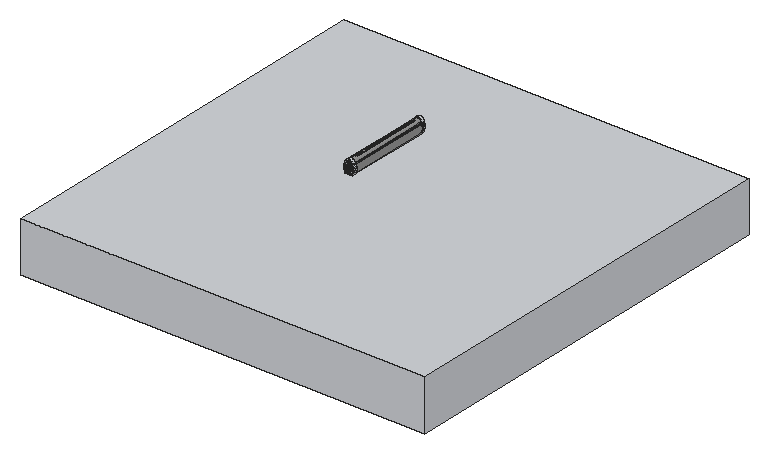
Revit family "L-trade II_body", category Обобщенные модели, Revit 2017
Family settings
  Основа = Грань
  Может служить основой для арматурных стержней = Нет
  Размер круглого соединителя = Использовать диаметр
  Тип детали = Нормальный
  При загрузке вырезать с полостями = Нет
  Общий = Нет
  Точка расчета площади = Нет
Parameters
  Тип торцевой крышки = Trade II Easy Lock : Trade II Easy Lock
  Расстояние от светильника до плоскости = Расстояние от низа светильника до плоскости + 80 mm  # 330 mm
  Расстояние от низа светильника до плоскости = 250 mm
  Default Elevation = 1219.2 mm
  Начало выдавливания = 250 mm
  Конец выдавливания = Начало выдавливания * (-1)  # -250 mm
  Длина профиля = Начало выдавливания * 2  # 500 mm
Reference planes
  plane 1 "По центру (Вперед/Назад)": y = 0
  plane 2: z = 0
  plane 3 "По центру (Влево/Вправо)": x = 0
  plane 4 "Плоскость расположения светильника": z = 250
Forms (mm)
  Extrusion 1, solid
    sketch origin (0, 0, 0) x (1, 0, 0) y (0, 1, 0)
      loop
        line (-1219.2, 1219.2) -> (-1219.2, -1219.2) -> (1219.2, -1219.2) -> (1219.2, 1219.2) -> (-1219.2, 1219.2)
    from 0 to -304.8
  Extrusion 2, solid
    sketch origin (0, 0, 250) x (0, -1, 0) y (1, 0, 0)
      loop
        line (-250, 2.572) -> (250, 2.572) -> (250, 4.625) -> (-250, 4.625) -> (-250, 2.572)
      loop
        line (-250, -2.572) -> (-250, -4.625) -> (250, -4.625) -> (250, -2.572) -> (-250, -2.572)
    from 0 to 1
  Extrusion 3, solid, material "Алюминий"
    sketch origin (0, 0, 0) x (1, 0, 0) y (0, 0, 1)
      loop
        line (2.572, 250) -> (21.583, 250)
        arc (21.583, 250) -> (23.284, 250.705) -> (23.988, 252.406) r 2.406
        line (23.988, 252.406) -> (23.988, 299.1) -> (23.054, 299.44)
        arc (23.054, 299.44) -> (20.433, 299.877) -> (22.85, 300.98) r 1.389
        line (22.85, 300.98) -> (23.732, 302.227)
        arc (23.732, 302.227) -> (24.096, 303.532) -> (23.546, 304.771) r 2.006
        arc (23.546, 304.771) -> (23.261, 305.083) -> (23.188, 305.5) r 0.757
        line (23.188, 305.5) -> (22.224, 305.5) -> (22.224, 304.659) -> (22.797, 304.087)
        arc (22.797, 304.087) -> (22.797, 302.684) -> (21.394, 302.684) r 0.992
        arc (21.394, 302.684) -> (21.071, 302.931) -> (20.696, 303.087) r 1.556
        line (20.696, 303.087) -> (18.325, 303.087)
        arc (18.325, 303.087) -> (16.847, 304.004) -> (18.515, 304.5) r 0.954
        line (18.515, 304.5) -> (19.803, 304.5) -> (19.803, 305.5) -> (19.002, 305.5)
        arc (19.002, 305.5) -> (17.792, 305.901) -> (16.582, 305.5) r 2.024
        line (16.582, 305.5) -> (4.453, 305.5) -> (4.453, 304.5) -> (5.483, 304.5) -> (5.483, 303.3) -> (-5.506, 303.3) -> (-5.506, 304.5) -> (-4.477, 304.5) -> (-4.477, 305.5) -> (-16.606, 305.5)
        arc (-16.606, 305.5) -> (-17.815, 305.901) -> (-19.025, 305.5) r 2.024
        line (-19.025, 305.5) -> (-19.826, 305.5) -> (-19.826, 304.5) -> (-18.538, 304.5)
        arc (-18.538, 304.5) -> (-16.87, 304.004) -> (-18.349, 303.087) r 0.954
        line (-18.349, 303.087) -> (-20.719, 303.087)
        arc (-20.719, 303.087) -> (-21.095, 302.931) -> (-21.417, 302.684) r 1.556
        arc (-21.417, 302.684) -> (-22.82, 302.684) -> (-22.82, 304.087) r 0.992
        line (-22.82, 304.087) -> (-22.247, 304.659) -> (-22.247, 305.5) -> (-23.212, 305.5)
        arc (-23.212, 305.5) -> (-23.284, 305.083) -> (-23.569, 304.771) r 0.757
        arc (-23.569, 304.771) -> (-24.119, 303.532) -> (-23.756, 302.227) r 2.006
        line (-23.756, 302.227) -> (-22.873, 300.98)
        arc (-22.873, 300.98) -> (-20.456, 299.877) -> (-23.077, 299.44) r 1.389
        line (-23.077, 299.44) -> (-24.012, 299.1) -> (-24.012, 252.406)
        arc (-24.012, 252.406) -> (-23.307, 250.705) -> (-21.606, 250) r 2.406
        line (-21.606, 250) -> (-2.595, 250) -> (-2.595, 251) -> (-4.649, 251) -> (-4.649, 255.456) -> (4.625, 255.456) -> (4.625, 251) -> (2.572, 251) -> (2.572, 250)
      loop
        line (5.619, 251) -> (21.584, 251)
        arc (21.584, 251) -> (22.577, 251.411) -> (22.988, 252.405) r 1.405
        line (22.988, 252.405) -> (22.988, 297.897)
        arc (22.988, 297.897) -> (19.715, 298.767) -> (20.407, 302.082) r 2.462
        line (20.407, 302.082) -> (18.726, 302.082)
        arc (18.726, 302.082) -> (16.485, 302.332) -> (15.866, 304.5) r 2.024
        line (15.866, 304.5) -> (6.476, 304.5) -> (6.476, 302.279) -> (-6.499, 302.279) -> (-6.499, 304.5) -> (-15.89, 304.5)
        arc (-15.89, 304.5) -> (-16.509, 302.332) -> (-18.749, 302.082) r 2.024
        line (-18.749, 302.082) -> (-20.43, 302.082)
        arc (-20.43, 302.082) -> (-19.738, 298.767) -> (-23.012, 297.897) r 2.462
        line (-23.012, 297.897) -> (-23.012, 252.405)
        arc (-23.012, 252.405) -> (-22.6, 251.411) -> (-21.607, 251) r 1.405
        line (-21.607, 251) -> (-5.642, 251) -> (-5.642, 256.427) -> (5.619, 256.427) -> (5.619, 251)
    from 250 <- "Начало выдавливания" to -250 <- "Конец выдавливания"
  Extrusion 4, solid, material "Стекло, прозрачное остекление"
    sketch origin (0, 0, 0) x (1, 0, 0) y (0, 0, 1)
      loop
        arc (-0.012, 326.283) -> (14.71, 320.185) -> (20.808, 305.463) r 20.82
        line (20.808, 305.463) -> (20.808, 304.359) -> (18.369, 304.359) -> (18.369, 303.222) -> (22.088, 303.222) -> (22.088, 305.463)
        arc (22.088, 305.463) -> (15.615, 321.09) -> (-0.012, 327.563) r 22.1
        arc (-0.012, 327.563) -> (-15.639, 321.09) -> (-22.112, 305.463) r 22.1
        line (-22.112, 305.463) -> (-22.112, 303.222) -> (-18.393, 303.222) -> (-18.393, 304.359) -> (-20.832, 304.359) -> (-20.832, 305.463)
        arc (-20.832, 305.463) -> (-14.734, 320.185) -> (-0.012, 326.283) r 20.82
    from 250 <- "Начало выдавливания" to -250 <- "Конец выдавливания"
Dimensions and locks
  "Расстояние от низа светильника до плоскости": plane 4 "Плоскость расположения светильника" to Extrusion 1
  aligned and locked: plane 2 to Extrusion 1
  aligned and locked: level to Extrusion 1
Automatic sketch dimensions
  Extrusion 1 sketch curve to Extrusion 1 sketch curve = 2438.4 mm  (x2)
  Extrusion 2 sketch curve to plane 3 "По центру (Влево/Вправо)" = 2.572 mm
  Extrusion 2 sketch curve to plane 1 "По центру (Вперед/Назад)" = 250 mm
  plane 1 "По центру (Вперед/Назад)" to Extrusion 2 sketch curve = 250 mm
  plane 3 "По центру (Влево/Вправо)" to Extrusion 2 sketch curve = 2.572 mm
  Extrusion 2 sketch curve to Extrusion 2 sketch curve = 0 mm  (x2)
  Extrusion 2 sketch curve to Extrusion 2 sketch curve = 2.053 mm  (x2)
  Extrusion 3 sketch curve to Extrusion 3 sketch curve = 0 mm  (x22)
  Extrusion 3 sketch curve to plane 4 "Плоскость расположения светильника" = 0 mm  (x2)
  Extrusion 3 sketch curve to plane 3 "По центру (Влево/Вправо)" = 24.012 mm
  Extrusion 3 sketch curve to Extrusion 3 sketch curve = 0.047 mm
  Extrusion 3 sketch curve to Extrusion 3 sketch curve = 0.256 mm
  Extrusion 3 sketch curve to Extrusion 3 sketch curve = 0.753 mm  (x2)
  Extrusion 3 sketch curve to Extrusion 3 sketch curve = 0.935 mm  (x2)
  Extrusion 3 sketch curve to Extrusion 3 sketch curve = 1 mm  (x4)
  Extrusion 3 sketch curve to Extrusion 3 sketch curve = 0.882 mm  (x2)
  Extrusion 3 sketch curve to Extrusion 3 sketch curve = 0.392 mm
  Extrusion 3 sketch curve to Extrusion 3 sketch curve = 0.964 mm  (x2)
  Extrusion 3 sketch curve to Extrusion 3 sketch curve = 0.702 mm  (x2)
  Extrusion 3 sketch curve to Extrusion 3 sketch curve = 1.04 mm  (x2)
  Extrusion 3 sketch curve to Extrusion 3 sketch curve = 1.405 mm
  Extrusion 3 sketch curve to Extrusion 3 sketch curve = 0.001 mm  (x2)
  Extrusion 3 sketch curve to Extrusion 3 sketch curve = 1.399 mm  (x2)
  Extrusion 3 sketch curve to Extrusion 3 sketch curve = 0.289 mm  (x2)
  Extrusion 3 sketch curve to Extrusion 3 sketch curve = 0.114 mm  (x2)
  Extrusion 3 sketch curve to Extrusion 3 sketch curve = 2.421 mm
  Extrusion 3 sketch curve to Extrusion 3 sketch curve = 0.801 mm  (x2)
  Extrusion 3 sketch curve to Extrusion 3 sketch curve = 1.567 mm  (x2)
  Extrusion 3 sketch curve to Extrusion 3 sketch curve = 0.487 mm  (x2)
  Extrusion 3 sketch curve to Extrusion 3 sketch curve = 0.401 mm  (x2)
  Extrusion 3 sketch curve to Extrusion 3 sketch curve = 0.533 mm  (x2)
  Extrusion 3 sketch curve to Extrusion 3 sketch curve = 1.21 mm  (x2)
  Extrusion 3 sketch curve to Extrusion 3 sketch curve = 0.716 mm  (x2)
  Extrusion 3 sketch curve to plane 3 "По центру (Влево/Вправо)" = 6.499 mm
  plane 4 "Плоскость расположения светильника" to Extrusion 3 sketch curve = 1 mm  (x4)
  Extrusion 3 sketch curve to plane 3 "По центру (Влево/Вправо)" = 5.642 mm
  Extrusion 3 sketch curve to Extrusion 3 sketch curve = 0.993 mm  (x4)
  Extrusion 3 sketch curve to Extrusion 3 sketch curve = 1.03 mm  (x2)
  Extrusion 3 sketch curve to Extrusion 3 sketch curve = 2.053 mm  (x2)
  plane 3 "По центру (Влево/Вправо)" to Extrusion 3 sketch curve = 2.572 mm
  plane 3 "По центру (Влево/Вправо)" to Extrusion 3 sketch curve = 4.453 mm
  Extrusion 3 sketch curve to Extrusion 3 sketch curve = 9.39 mm
  Extrusion 3 sketch curve to Extrusion 3 sketch curve = 0.723 mm
  plane 4 "Плоскость расположения светильника" to Extrusion 3 sketch curve = 2.406 mm
  Extrusion 3 sketch curve to Extrusion 3 sketch curve = 15.964 mm
  Extrusion 3 sketch curve to Extrusion 3 sketch curve = 1.517 mm
  Extrusion 3 sketch curve to Extrusion 3 sketch curve = 0.129 mm
  Extrusion 3 sketch curve to Extrusion 3 sketch curve = 0.573 mm  (x3)
  Extrusion 3 sketch curve to Extrusion 3 sketch curve = 4.456 mm
  Extrusion 3 sketch curve to Extrusion 3 sketch curve = 0.971 mm
  Extrusion 3 sketch curve to Extrusion 3 sketch curve = 41.47 mm  (x2)
  Extrusion 3 sketch curve to Extrusion 3 sketch curve = 1.203 mm  (x2)
  Extrusion 3 sketch curve to Extrusion 3 sketch curve = 0.34 mm  (x2)
  Extrusion 3 sketch curve to Extrusion 3 sketch curve = 0.619 mm  (x2)
  Extrusion 3 sketch curve to Extrusion 3 sketch curve = 0.498 mm  (x2)
  Extrusion 3 sketch curve to Extrusion 3 sketch curve = 1.247 mm  (x2)
  Extrusion 3 sketch curve to Extrusion 3 sketch curve = 0.198 mm
  Extrusion 3 sketch curve to Extrusion 3 sketch curve = 1.005 mm  (x2)
  Extrusion 3 sketch curve to Extrusion 3 sketch curve = 1.021 mm
  Extrusion 3 sketch curve to Extrusion 3 sketch curve = 0.299 mm  (x2)
  Extrusion 3 sketch curve to Extrusion 3 sketch curve = 0.791 mm  (x2)
  Extrusion 3 sketch curve to Extrusion 3 sketch curve = 1.33 mm  (x2)
  Extrusion 3 sketch curve to Extrusion 3 sketch curve = 0.841 mm  (x2)
  Extrusion 3 sketch curve to Extrusion 3 sketch curve = 0.698 mm
  Extrusion 4 sketch curve to Extrusion 4 sketch curve = 0 mm  (x13)
  Extrusion 4 sketch curve to plane 3 "По центру (Влево/Вправо)" = 22.112 mm
  Extrusion 4 sketch curve to Extrusion 4 sketch curve = 1.28 mm
  Extrusion 4 sketch curve to Extrusion 4 sketch curve = 2.439 mm  (x2)
  Extrusion 4 sketch curve to plane 3 "По центру (Влево/Вправо)" = 0.012 mm
  plane 4 "Плоскость расположения светильника" to Extrusion 4 sketch curve = 53.222 mm
  Extrusion 4 sketch curve to Extrusion 4 sketch curve = 1.137 mm  (x2)
  Extrusion 4 sketch curve to Extrusion 4 sketch curve = 1.104 mm
Nested families
  nested 1: "Trade II Easy Lock" at (0.005, 0, 0), type <- "Тип торцевой крышки", type "Trade II Easy Lock"
    with Расстояние от светильника до плоскости 330 mm, Расстояние до плоскости 258 mm, Начало профиля 500 mm, Конец профиля 500 mm
  nested 2: "Trade II Easy Lock" at (0, 0, 0), type <- "Тип торцевой крышки", type "Trade II Easy Lock"
    with Расстояние от светильника до плоскости 330 mm, Расстояние до плоскости 258 mm, Начало профиля 500 mm, Конец профиля 500 mm
Definition of nested family "Trade II Easy Lock"
  Parameters (values of type "Trade II Easy Lock")
    Расстояние от светильника до плоскости = Расстояние до плоскости + 72 mm  # 422 mm
    Расстояние до плоскости = 350 mm
    Default Elevation = 1219.2 mm
    Начало профиля = 249.976 mm
    Конец профиля = 250.024 mm
  Reference planes
    plane 1 "По центру (Вперед/Назад)": y = 0
    plane 2: z = 0
    plane 3 "По центру (Влево/Вправо)": x = 0
    plane 4 "Плоскость низа светильника": z = 350
  Forms (mm)
    Extrusion 1, solid
      sketch origin (0, 0, 0) x (1, 0, 0) y (0, 1, 0)
        loop
          line (-1219.2, 1219.2) -> (-1219.2, -1219.2) -> (1219.2, -1219.2) -> (1219.2, 1219.2) -> (-1219.2, 1219.2)
      from 0 to -304.8
    Extrusion 2, solid
      sketch origin (0, -398.223, 350) x (0, -1, 0) y (1, 0, 0)
        loop
          line (-148.236, -5.649) -> (-130.236, -5.649) -> (-130.236, 5.625) -> (-148.236, 5.625) -> (-148.236, -5.649)
        loop
          line (-648.236, 5.625) -> (-666.236, 5.625) -> (-666.236, -5.649) -> (-648.236, -5.649) -> (-648.236, 5.625)
      from 0 to -2
    Extrusion 3, solid
      sketch origin (5.625, 268.013, 350) x (-1, 0, 0) y (0, 0, 1)
        loop
          arc (28.697, 49.657) -> (21.525, 65.194) -> (5.63, 71.533) r 23.1
          arc (5.63, 71.533) -> (-10.266, 65.194) -> (-17.438, 49.657) r 23.1
          arc (-17.438, 49.657) -> (-19.62, 45.831) -> (-19.639, 41.427) r 8.666
          arc (-19.639, 41.427) -> (-19.083, 38.06) -> (-21.255, 35.429) r 4.12
          line (-21.255, 35.429) -> (-24.425, 33.883)
          arc (-24.425, 33.883) -> (-25.811, 32.581) -> (-26.322, 30.75) r 3.536
          line (-26.322, 30.75) -> (-26.322, 22.479) -> (-26.322, 14.208)
          arc (-26.322, 14.208) -> (-25.811, 12.377) -> (-24.425, 11.075) r 3.536
          line (-24.425, 11.075) -> (-21.249, 9.534)
          arc (-21.249, 9.534) -> (-19.072, 6.893) -> (-19.641, 3.519) r 4.12
          arc (-19.641, 3.519) -> (-20.809, -0.574) -> (-19.361, -4.575) r 6.919
          arc (-19.361, -4.575) -> (-18.366, -6.977) -> (-15.964, -7.972) r 3.397
          line (-15.964, -7.972) -> (0.973, -7.972)
          arc (0.973, -7.972) -> (1.694, -7.673) -> (1.993, -6.952) r 1.02
          line (1.993, -6.952) -> (1.993, -2) -> (-0.007, -2) -> (-0.007, -5.972) -> (-15.964, -5.972)
          arc (-15.964, -5.972) -> (-16.714, -5.754) -> (-17.229, -5.168) r 1.397
          arc (-17.229, -5.168) -> (-17.414, -4.504) -> (-17.37, -3.815) r 2.071
          arc (-17.37, -3.815) -> (-18.79, -0.816) -> (-17.982, 2.402) r 4.919
          arc (-17.982, 2.402) -> (-17.141, 7.413) -> (-20.375, 11.333) r 6.12
          line (-20.375, 11.333) -> (-23.519, 12.859)
          arc (-23.519, 12.859) -> (-24.106, 13.423) -> (-24.322, 14.208) r 1.536
          line (-24.322, 14.208) -> (-24.322, 22.479) -> (-24.322, 30.75)
          arc (-24.322, 30.75) -> (-24.106, 31.536) -> (-23.518, 32.1) r 1.536
          line (-23.518, 32.1) -> (-20.378, 33.631)
          arc (-20.378, 33.631) -> (-17.207, 37.349) -> (-17.768, 42.204) r 6.12
          arc (-17.768, 42.204) -> (-17.537, 45.801) -> (-15.468, 48.752) r 6.666
          arc (-15.468, 48.752) -> (-9.177, 63.465) -> (5.63, 69.533) r 21.1
          arc (5.63, 69.533) -> (20.437, 63.465) -> (26.728, 48.752) r 21.1
          arc (26.728, 48.752) -> (28.797, 45.801) -> (29.028, 42.204) r 6.666
          arc (29.028, 42.204) -> (28.466, 37.349) -> (31.638, 33.631) r 6.12
          line (31.638, 33.631) -> (34.778, 32.1)
          arc (34.778, 32.1) -> (35.366, 31.536) -> (35.582, 30.75) r 1.536
          line (35.582, 30.75) -> (35.582, 22.479) -> (35.582, 14.208)
          arc (35.582, 14.208) -> (35.366, 13.423) -> (34.779, 12.859) r 1.536
          line (34.779, 12.859) -> (31.635, 11.333)
          arc (31.635, 11.333) -> (28.401, 7.413) -> (29.242, 2.402) r 6.12
          arc (29.242, 2.402) -> (30.05, -0.816) -> (28.63, -3.815) r 4.919
          arc (28.63, -3.815) -> (28.674, -4.504) -> (28.489, -5.168) r 2.071
          arc (28.489, -5.168) -> (27.974, -5.754) -> (27.224, -5.972) r 1.397
          line (27.224, -5.972) -> (11.267, -5.972) -> (11.267, -2) -> (9.267, -2) -> (9.267, -6.952)
          arc (9.267, -6.952) -> (9.566, -7.673) -> (10.287, -7.972) r 1.02
          line (10.287, -7.972) -> (27.224, -7.972)
          arc (27.224, -7.972) -> (29.626, -6.977) -> (30.621, -4.575) r 3.397
          arc (30.621, -4.575) -> (32.069, -0.574) -> (30.901, 3.519) r 6.919
          arc (30.901, 3.519) -> (30.332, 6.893) -> (32.509, 9.534) r 4.12
          line (32.509, 9.534) -> (35.685, 11.075)
          arc (35.685, 11.075) -> (37.071, 12.377) -> (37.582, 14.208) r 3.536
          line (37.582, 14.208) -> (37.582, 22.479) -> (37.582, 30.75)
          arc (37.582, 30.75) -> (37.071, 32.581) -> (35.685, 33.883) r 3.536
          line (35.685, 33.883) -> (32.515, 35.429)
          arc (32.515, 35.429) -> (30.343, 38.06) -> (30.899, 41.427) r 4.12
          arc (30.899, 41.427) -> (30.88, 45.831) -> (28.697, 49.657) r 8.666
      from 0 to -18
    Extrusion 4, solid
      sketch origin (5.625, 250.013, 350) x (1, 0, 0) y (0, 0, 1)
        loop
          line (15.644, 22.479) -> (15.644, 27.454)
          arc (15.644, 27.454) -> (15.416, 28.602) -> (14.765, 29.576) r 3
          line (14.765, 29.576) -> (8.99, 35.35)
          arc (8.99, 35.35) -> (8.017, 36.001) -> (6.869, 36.229) r 3
          line (6.869, 36.229) -> (0.949, 36.229)
          arc (0.949, 36.229) -> (-1.526, 35.204) -> (-2.551, 32.729) r 3.5
          line (-2.551, 32.729) -> (-2.551, 22.479) -> (-2.551, 12.229)
          arc (-2.551, 12.229) -> (-1.526, 9.754) -> (0.949, 8.729) r 3.5
          line (0.949, 8.729) -> (6.869, 8.729)
          arc (6.869, 8.729) -> (8.017, 8.957) -> (8.99, 9.608) r 3
          line (8.99, 9.608) -> (14.765, 15.382)
          arc (14.765, 15.382) -> (15.416, 16.356) -> (15.644, 17.504) r 3
          line (15.644, 17.504) -> (15.644, 22.479)
        loop
          line (7.445, 30.435) -> (0.889, 30.435) -> (0.889, 27.559) -> (7.445, 27.559) -> (7.445, 30.435)
        loop
          line (7.445, 14.523) -> (7.445, 17.399) -> (0.889, 17.399) -> (0.889, 14.523) -> (7.445, 14.523)
        loop
          line (12.774, 21.041) -> (12.774, 23.917) -> (6.218, 23.917) -> (6.218, 21.041) -> (12.774, 21.041)
        loop
          line (-26.918, 22.479) -> (-26.918, 17.504)
          arc (-26.918, 17.504) -> (-26.689, 16.356) -> (-26.039, 15.382) r 3
          line (-26.039, 15.382) -> (-20.264, 9.608)
          arc (-20.264, 9.608) -> (-19.291, 8.957) -> (-18.143, 8.729) r 3
          line (-18.143, 8.729) -> (-12.223, 8.729)
          arc (-12.223, 8.729) -> (-9.748, 9.754) -> (-8.723, 12.229) r 3.5
          line (-8.723, 12.229) -> (-8.723, 22.479) -> (-8.723, 32.729)
          arc (-8.723, 32.729) -> (-9.748, 35.204) -> (-12.223, 36.229) r 3.5
          line (-12.223, 36.229) -> (-18.143, 36.229)
          arc (-18.143, 36.229) -> (-19.291, 36.001) -> (-20.264, 35.35) r 3
          line (-20.264, 35.35) -> (-26.039, 29.576)
          arc (-26.039, 29.576) -> (-26.689, 28.602) -> (-26.918, 27.454) r 3
          line (-26.918, 27.454) -> (-26.918, 22.479)
        loop
          line (-18.719, 30.435) -> (-18.719, 27.559) -> (-12.163, 27.559) -> (-12.163, 30.435) -> (-18.719, 30.435)
        loop
          line (-18.719, 14.523) -> (-12.163, 14.523) -> (-12.163, 17.399) -> (-18.719, 17.399) -> (-18.719, 14.523)
        loop
          line (-24.048, 21.041) -> (-17.491, 21.041) -> (-17.491, 23.917) -> (-24.048, 23.917) -> (-24.048, 21.041)
      from -1 to -15
    Extrusion 5, solid
      sketch origin (5.625, 250.013, 350) x (1, 0, 0) y (0, 0, 1)
        loop
          arc (15.461, 48.752) -> (9.17, 63.465) -> (-5.637, 69.533) r 21.1
          arc (-5.637, 69.533) -> (-20.444, 63.465) -> (-26.734, 48.752) r 21.1
          arc (-26.734, 48.752) -> (-28.804, 45.801) -> (-29.035, 42.204) r 6.666
          arc (-29.035, 42.204) -> (-28.473, 37.349) -> (-31.645, 33.631) r 6.12
          line (-31.645, 33.631) -> (-34.785, 32.1)
          arc (-34.785, 32.1) -> (-35.373, 31.536) -> (-35.589, 30.75) r 1.536
          line (-35.589, 30.75) -> (-35.589, 22.479) -> (-35.589, 14.208)
          arc (-35.589, 14.208) -> (-35.373, 13.423) -> (-34.786, 12.859) r 1.536
          line (-34.786, 12.859) -> (-31.642, 11.333)
          arc (-31.642, 11.333) -> (-28.408, 7.413) -> (-29.249, 2.402) r 6.12
          arc (-29.249, 2.402) -> (-30.057, -0.816) -> (-28.637, -3.815) r 4.919
          arc (-28.637, -3.815) -> (-28.681, -4.504) -> (-28.496, -5.168) r 2.071
          arc (-28.496, -5.168) -> (-27.981, -5.754) -> (-27.231, -5.972) r 1.397
          line (-27.231, -5.972) -> (-11.274, -5.972) -> (-11.274, 0) -> (-5.637, 0) -> (0, 0) -> (0, -5.972) -> (15.957, -5.972)
          arc (15.957, -5.972) -> (16.707, -5.754) -> (17.222, -5.168) r 1.397
          arc (17.222, -5.168) -> (17.407, -4.504) -> (17.363, -3.815) r 2.071
          arc (17.363, -3.815) -> (18.783, -0.816) -> (17.975, 2.402) r 4.919
          arc (17.975, 2.402) -> (17.134, 7.413) -> (20.368, 11.333) r 6.12
          line (20.368, 11.333) -> (23.512, 12.859)
          arc (23.512, 12.859) -> (24.099, 13.423) -> (24.315, 14.208) r 1.536
          line (24.315, 14.208) -> (24.315, 22.479) -> (24.315, 30.75)
          arc (24.315, 30.75) -> (24.099, 31.536) -> (23.511, 32.1) r 1.536
          line (23.511, 32.1) -> (20.371, 33.631)
          arc (20.371, 33.631) -> (17.2, 37.349) -> (17.761, 42.204) r 6.12
          arc (17.761, 42.204) -> (17.53, 45.801) -> (15.461, 48.752) r 6.666
      from 0 to -1
    Extrusion 6, solid
      sketch origin (-5.649, -267.987, 350) x (1, 0, 0) y (0, 0, 1)
        loop
          arc (-17.424, 49.657) -> (-19.606, 45.831) -> (-19.625, 41.427) r 8.666
          arc (-19.625, 41.427) -> (-19.069, 38.06) -> (-21.241, 35.429) r 4.12
          line (-21.241, 35.429) -> (-24.411, 33.883)
          arc (-24.411, 33.883) -> (-25.797, 32.581) -> (-26.308, 30.75) r 3.536
          line (-26.308, 30.75) -> (-26.308, 22.479) -> (-26.308, 14.208)
          arc (-26.308, 14.208) -> (-25.797, 12.377) -> (-24.411, 11.075) r 3.536
          line (-24.411, 11.075) -> (-21.236, 9.534)
          arc (-21.236, 9.534) -> (-19.059, 6.893) -> (-19.627, 3.519) r 4.12
          arc (-19.627, 3.519) -> (-20.796, -0.574) -> (-19.347, -4.575) r 6.919
          arc (-19.347, -4.575) -> (-18.352, -6.977) -> (-15.951, -7.972) r 3.397
          line (-15.951, -7.972) -> (0.987, -7.972)
          arc (0.987, -7.972) -> (1.708, -7.673) -> (2.007, -6.952) r 1.02
          line (2.007, -6.952) -> (2.007, -2) -> (0.007, -2) -> (0.007, -5.972) -> (-15.951, -5.972)
          arc (-15.951, -5.972) -> (-16.7, -5.754) -> (-17.215, -5.168) r 1.397
          arc (-17.215, -5.168) -> (-17.4, -4.504) -> (-17.356, -3.815) r 2.071
          arc (-17.356, -3.815) -> (-18.776, -0.816) -> (-17.968, 2.402) r 4.919
          arc (-17.968, 2.402) -> (-17.127, 7.413) -> (-20.361, 11.333) r 6.12
          line (-20.361, 11.333) -> (-23.505, 12.859)
          arc (-23.505, 12.859) -> (-24.092, 13.423) -> (-24.308, 14.208) r 1.536
          line (-24.308, 14.208) -> (-24.308, 22.479) -> (-24.308, 30.75)
          arc (-24.308, 30.75) -> (-24.092, 31.536) -> (-23.504, 32.1) r 1.536
          line (-23.504, 32.1) -> (-20.364, 33.631)
          arc (-20.364, 33.631) -> (-17.193, 37.349) -> (-17.754, 42.204) r 6.12
          arc (-17.754, 42.204) -> (-17.523, 45.801) -> (-15.454, 48.752) r 6.666
          arc (-15.454, 48.752) -> (-9.163, 63.465) -> (5.644, 69.533) r 21.1
          arc (5.644, 69.533) -> (20.451, 63.465) -> (26.741, 48.752) r 21.1
          arc (26.741, 48.752) -> (28.811, 45.801) -> (29.042, 42.204) r 6.666
          arc (29.042, 42.204) -> (28.48, 37.349) -> (31.652, 33.631) r 6.12
          line (31.652, 33.631) -> (34.792, 32.1)
          arc (34.792, 32.1) -> (35.38, 31.536) -> (35.596, 30.75) r 1.536
          line (35.596, 30.75) -> (35.596, 22.479) -> (35.596, 14.208)
          arc (35.596, 14.208) -> (35.38, 13.423) -> (34.793, 12.859) r 1.536
          line (34.793, 12.859) -> (31.649, 11.333)
          arc (31.649, 11.333) -> (28.415, 7.413) -> (29.256, 2.402) r 6.12
          arc (29.256, 2.402) -> (30.064, -0.816) -> (28.644, -3.815) r 4.919
          arc (28.644, -3.815) -> (28.688, -4.504) -> (28.503, -5.168) r 2.071
          arc (28.503, -5.168) -> (27.988, -5.754) -> (27.238, -5.972) r 1.397
          line (27.238, -5.972) -> (11.281, -5.972) -> (11.281, -2) -> (9.281, -2) -> (9.281, -6.952)
          arc (9.281, -6.952) -> (9.579, -7.673) -> (10.301, -7.972) r 1.02
          line (10.301, -7.972) -> (27.238, -7.972)
          arc (27.238, -7.972) -> (29.64, -6.977) -> (30.635, -4.575) r 3.397
          arc (30.635, -4.575) -> (32.083, -0.574) -> (30.915, 3.519) r 6.919
          arc (30.915, 3.519) -> (30.346, 6.893) -> (32.523, 9.534) r 4.12
          line (32.523, 9.534) -> (35.699, 11.075)
          arc (35.699, 11.075) -> (37.085, 12.377) -> (37.596, 14.208) r 3.536
          line (37.596, 14.208) -> (37.596, 22.479) -> (37.596, 30.75)
          arc (37.596, 30.75) -> (37.085, 32.581) -> (35.699, 33.883) r 3.536
          line (35.699, 33.883) -> (32.529, 35.429)
          arc (32.529, 35.429) -> (30.357, 38.06) -> (30.913, 41.427) r 4.12
          arc (30.913, 41.427) -> (30.894, 45.831) -> (28.711, 49.657) r 8.666
          arc (28.711, 49.657) -> (21.539, 65.194) -> (5.644, 71.533) r 23.1
          arc (5.644, 71.533) -> (-10.252, 65.194) -> (-17.424, 49.657) r 23.1
      from 0 to -18
    Extrusion 7, solid
      sketch origin (-5.649, -249.987, 350) x (1, 0, 0) y (0, 0, -1)
        loop
          line (11.281, 5.972) -> (11.274, 2) -> (11.274, 0) -> (0, 0) -> (0.007, 2) -> (0.007, 5.972) -> (-15.951, 5.972)
          arc (-15.951, 5.972) -> (-16.7, 5.754) -> (-17.215, 5.168) r 1.397
          arc (-17.215, 5.168) -> (-17.4, 4.504) -> (-17.356, 3.815) r 2.071
          arc (-17.356, 3.815) -> (-18.776, 0.816) -> (-17.968, -2.402) r 4.919
          arc (-17.968, -2.402) -> (-17.127, -7.413) -> (-20.361, -11.333) r 6.12
          line (-20.361, -11.333) -> (-23.505, -12.859)
          arc (-23.505, -12.859) -> (-24.092, -13.423) -> (-24.308, -14.208) r 1.536
          line (-24.308, -14.208) -> (-24.308, -22.479) -> (-24.308, -30.75)
          arc (-24.308, -30.75) -> (-24.092, -31.536) -> (-23.504, -32.1) r 1.536
          line (-23.504, -32.1) -> (-20.364, -33.631)
          arc (-20.364, -33.631) -> (-17.193, -37.349) -> (-17.754, -42.204) r 6.12
          arc (-17.754, -42.204) -> (-17.523, -45.801) -> (-15.454, -48.752) r 6.666
          arc (-15.454, -48.752) -> (-9.163, -63.465) -> (5.644, -69.533) r 21.1
          arc (5.644, -69.533) -> (20.451, -63.465) -> (26.741, -48.752) r 21.1
          arc (26.741, -48.752) -> (28.811, -45.801) -> (29.042, -42.204) r 6.666
          arc (29.042, -42.204) -> (28.48, -37.349) -> (31.652, -33.631) r 6.12
          line (31.652, -33.631) -> (34.792, -32.1)
          arc (34.792, -32.1) -> (35.38, -31.536) -> (35.596, -30.75) r 1.536
          line (35.596, -30.75) -> (35.596, -22.479) -> (35.596, -14.208)
          arc (35.596, -14.208) -> (35.38, -13.423) -> (34.793, -12.859) r 1.536
          line (34.793, -12.859) -> (31.649, -11.333)
          arc (31.649, -11.333) -> (28.415, -7.413) -> (29.256, -2.402) r 6.12
          arc (29.256, -2.402) -> (30.064, 0.816) -> (28.644, 3.815) r 4.919
          arc (28.644, 3.815) -> (28.688, 4.504) -> (28.503, 5.168) r 2.071
          arc (28.503, 5.168) -> (27.988, 5.754) -> (27.238, 5.972) r 1.397
          line (27.238, 5.972) -> (11.281, 5.972)
      from 0 to -1
    Extrusion 8, solid
      sketch origin (-5.649, -267.987, 350) x (1, 0, 0) y (0, 0, 1)
        loop
          line (-15.644, 22.479) -> (-15.644, 17.504)
          arc (-15.644, 17.504) -> (-15.416, 16.356) -> (-14.765, 15.382) r 3
          line (-14.765, 15.382) -> (-8.99, 9.608)
          arc (-8.99, 9.608) -> (-8.017, 8.957) -> (-6.869, 8.729) r 3
          line (-6.869, 8.729) -> (-0.949, 8.729)
          arc (-0.949, 8.729) -> (1.526, 9.754) -> (2.551, 12.229) r 3.5
          line (2.551, 12.229) -> (2.551, 22.479) -> (2.551, 32.729)
          arc (2.551, 32.729) -> (1.526, 35.204) -> (-0.949, 36.229) r 3.5
          line (-0.949, 36.229) -> (-6.869, 36.229)
          arc (-6.869, 36.229) -> (-8.017, 36.001) -> (-8.99, 35.35) r 3
          line (-8.99, 35.35) -> (-14.765, 29.576)
          arc (-14.765, 29.576) -> (-15.416, 28.602) -> (-15.644, 27.454) r 3
          line (-15.644, 27.454) -> (-15.644, 22.479)
        loop
          arc (-6.778, 34.029) -> (-7.168, 33.951) -> (-7.499, 33.73) r 1.021
          line (-7.499, 33.73) -> (-13.103, 28.126)
          arc (-13.103, 28.126) -> (-13.355, 27.749) -> (-13.444, 27.304) r 1.162
          line (-13.444, 27.304) -> (-13.444, 22.479) -> (-13.444, 17.654)
          arc (-13.444, 17.654) -> (-13.355, 17.209) -> (-13.103, 16.832) r 1.162
          line (-13.103, 16.832) -> (-7.499, 11.228)
          arc (-7.499, 11.228) -> (-7.168, 11.007) -> (-6.778, 10.929) r 1.021
          line (-6.778, 10.929) -> (-0.949, 10.929)
          arc (-0.949, 10.929) -> (-0.03, 11.31) -> (0.351, 12.229) r 1.3
          line (0.351, 12.229) -> (0.351, 22.479) -> (0.351, 32.729)
          arc (0.351, 32.729) -> (-0.03, 33.648) -> (-0.949, 34.029) r 1.3
          line (-0.949, 34.029) -> (-6.778, 34.029)
        loop
          line (26.918, 22.479) -> (26.918, 27.454)
          arc (26.918, 27.454) -> (26.689, 28.602) -> (26.039, 29.576) r 3
          line (26.039, 29.576) -> (20.264, 35.35)
          arc (20.264, 35.35) -> (19.291, 36.001) -> (18.143, 36.229) r 3
          line (18.143, 36.229) -> (12.223, 36.229)
          arc (12.223, 36.229) -> (9.748, 35.204) -> (8.723, 32.729) r 3.5
          line (8.723, 32.729) -> (8.723, 22.479) -> (8.723, 12.229)
          arc (8.723, 12.229) -> (9.748, 9.754) -> (12.223, 8.729) r 3.5
          line (12.223, 8.729) -> (18.143, 8.729)
          arc (18.143, 8.729) -> (19.291, 8.957) -> (20.264, 9.608) r 3
          line (20.264, 9.608) -> (26.039, 15.382)
          arc (26.039, 15.382) -> (26.689, 16.356) -> (26.918, 17.504) r 3
          line (26.918, 17.504) -> (26.918, 22.479)
        loop
          line (18.051, 34.029) -> (12.223, 34.029)
          arc (12.223, 34.029) -> (11.303, 33.648) -> (10.923, 32.729) r 1.3
          line (10.923, 32.729) -> (10.923, 22.479) -> (10.923, 12.229)
          arc (10.923, 12.229) -> (11.303, 11.31) -> (12.223, 10.929) r 1.3
          line (12.223, 10.929) -> (18.051, 10.929)
          arc (18.051, 10.929) -> (18.442, 11.007) -> (18.773, 11.228) r 1.021
          line (18.773, 11.228) -> (24.377, 16.832)
          arc (24.377, 16.832) -> (24.629, 17.209) -> (24.718, 17.654) r 1.162
          line (24.718, 17.654) -> (24.718, 22.479) -> (24.718, 27.304)
          arc (24.718, 27.304) -> (24.629, 27.749) -> (24.377, 28.126) r 1.162
          line (24.377, 28.126) -> (18.773, 33.73)
          arc (18.773, 33.73) -> (18.442, 33.951) -> (18.051, 34.029) r 1.021
      from -1 to -15
    Extrusion 9, solid
      sketch origin (-5.649, -267.987, 350) x (1, 0, 0) y (0, 0, 1)
        loop
          line (-11.974, 21.841) -> (-7.018, 21.841) -> (-7.018, 23.117) -> (-11.974, 23.117) -> (-11.974, 21.841)
        loop
          line (-6.645, 16.599) -> (-6.645, 15.323) -> (-1.689, 15.323) -> (-1.689, 16.599) -> (-6.645, 16.599)
        loop
          line (-1.689, 28.359) -> (-1.689, 29.635) -> (-6.645, 29.635) -> (-6.645, 28.359) -> (-1.689, 28.359)
        loop
          line (23.248, 21.841) -> (23.248, 23.117) -> (18.291, 23.117) -> (18.291, 21.841) -> (23.248, 21.841)
        loop
          line (17.919, 16.599) -> (12.963, 16.599) -> (12.963, 15.323) -> (17.919, 15.323) -> (17.919, 16.599)
        loop
          line (12.963, 28.359) -> (17.919, 28.359) -> (17.919, 29.635) -> (12.963, 29.635) -> (12.963, 28.359)
      from -1 to -15
  Dimensions and locks
    "Расстояние до плоскости": plane 4 "Плоскость низа светильника" to Extrusion 1
    aligned and locked: plane 2 to Extrusion 1
    aligned and locked: level to Extrusion 1
  Automatic sketch dimensions
    Extrusion 1 sketch curve to Extrusion 1 sketch curve = 2438.4 mm  (x2)
    plane 3 "По центру (Влево/Вправо)" to Extrusion 2 sketch curve = 5.625 mm  (x2)
    Extrusion 2 sketch curve to plane 1 "По центру (Вперед/Назад)" = 268.013 mm
    Extrusion 2 sketch curve to plane 3 "По центру (Влево/Вправо)" = 5.649 mm  (x2)
    Extrusion 2 sketch curve to Extrusion 2 sketch curve = 18 mm  (x2)
    plane 1 "По центру (Вперед/Назад)" to Extrusion 2 sketch curve = 249.987 mm
    Extrusion 3 sketch curve to Extrusion 3 sketch curve = 0 mm  (x43)
    Extrusion 3 sketch curve to Extrusion 2 = 0 mm  (x2)
    Extrusion 3 sketch curve to Extrusion 2 = 14.208 mm
    Extrusion 2 to Extrusion 3 sketch curve = 26.322 mm
    Extrusion 3 sketch curve to Extrusion 3 sketch curve = 1.897 mm  (x2)
    Extrusion 3 sketch curve to Extrusion 2 = 11.075 mm  (x2)
    Extrusion 3 sketch curve to Extrusion 3 sketch curve = 2 mm  (x2)
    Extrusion 3 sketch curve to Extrusion 2 = 12.859 mm
    Extrusion 3 sketch curve to Extrusion 3 sketch curve = 0.804 mm
    Extrusion 3 sketch curve to Extrusion 3 sketch curve = 1.364 mm
    Extrusion 3 sketch curve to Extrusion 3 sketch curve = 1.372 mm
    Extrusion 3 sketch curve to Extrusion 3 sketch curve = 0.731 mm  (x2)
    Extrusion 3 sketch curve to Extrusion 3 sketch curve = 3.17 mm
    Extrusion 3 sketch curve to Extrusion 2 = 9.534 mm  (x2)
    Extrusion 3 sketch curve to Extrusion 3 sketch curve = 3.176 mm
    Extrusion 3 sketch curve to Extrusion 3 sketch curve = 0.877 mm  (x2)
    Extrusion 3 sketch curve to Extrusion 2 = 11.333 mm
    Extrusion 3 sketch curve to Extrusion 3 sketch curve = 0.874 mm  (x2)
    Extrusion 3 sketch curve to Extrusion 2 = 2.575 mm
    Extrusion 3 sketch curve to Extrusion 3 sketch curve = 7.088 mm
    Extrusion 3 sketch curve to Extrusion 3 sketch curve = 0.611 mm  (x2)
    Extrusion 2 to Extrusion 3 sketch curve = 0.334 mm  (x2)
    Extrusion 3 sketch curve to Extrusion 3 sketch curve = 1.459 mm  (x2)
    Extrusion 2 to Extrusion 3 sketch curve = 11.248 mm
    Extrusion 2 to Extrusion 3 sketch curve = 0.007 mm
    Extrusion 3 sketch curve to Extrusion 2 = 0.973 mm
    Extrusion 3 sketch curve to Extrusion 2 = 1.993 mm
    Extrusion 3 sketch curve to Extrusion 2 = 5.63 mm
    Extrusion 3 sketch curve to Extrusion 2 = 2.007 mm
    Extrusion 3 sketch curve to Extrusion 2 = 0.987 mm
    Extrusion 3 sketch curve to Extrusion 2 = 0.007 mm
    Extrusion 2 to Extrusion 3 sketch curve = 11.234 mm
    Extrusion 2 to Extrusion 3 sketch curve = 13.881 mm
    Extrusion 3 sketch curve to Extrusion 2 = 2.289 mm
    Extrusion 3 sketch curve to Extrusion 3 sketch curve = 6.48 mm
    Extrusion 3 sketch curve to Extrusion 3 sketch curve = 9.13 mm
    Extrusion 3 sketch curve to Extrusion 3 sketch curve = 2.412 mm
    Extrusion 3 sketch curve to Extrusion 3 sketch curve = 2.408 mm
    Extrusion 3 sketch curve to Extrusion 3 sketch curve = 1.804 mm
    Extrusion 3 sketch curve to Extrusion 3 sketch curve = 1.806 mm
    Extrusion 3 sketch curve to Extrusion 3 sketch curve = 0.732 mm
    Extrusion 3 sketch curve to Extrusion 3 sketch curve = 1.536 mm
    Extrusion 3 sketch curve to Extrusion 3 sketch curve = 0.906 mm
    Extrusion 3 sketch curve to Extrusion 3 sketch curve = 0.907 mm
    Extrusion 3 sketch curve to Extrusion 2 = 3.972 mm
    Extrusion 3 sketch curve to Extrusion 3 sketch curve = 1.683 mm
    Extrusion 3 sketch curve to Extrusion 3 sketch curve = 0.98 mm  (x2)
    Extrusion 3 sketch curve to Extrusion 3 sketch curve = 0.286 mm  (x2)
    Extrusion 3 sketch curve to Extrusion 3 sketch curve = 3.705 mm  (x2)
    Extrusion 3 sketch curve to Extrusion 3 sketch curve = 1.799 mm
    Extrusion 3 sketch curve to Extrusion 3 sketch curve = 8.271 mm  (x4)
    Extrusion 3 sketch curve to Extrusion 3 sketch curve = 1.531 mm  (x2)
    Extrusion 3 sketch curve to Extrusion 3 sketch curve = 1.798 mm  (x2)
    Extrusion 3 sketch curve to Extrusion 3 sketch curve = 3.703 mm  (x2)
    Extrusion 3 sketch curve to Extrusion 3 sketch curve = 4.46 mm  (x2)
    Extrusion 3 sketch curve to Extrusion 3 sketch curve = 4.841 mm
    Extrusion 3 sketch curve to Extrusion 3 sketch curve = 3.422 mm
    Extrusion 3 sketch curve to Extrusion 3 sketch curve = 1.659 mm
    Extrusion 3 sketch curve to Extrusion 3 sketch curve = 1.871 mm
    Extrusion 3 sketch curve to Extrusion 3 sketch curve = 0.331 mm
    Extrusion 3 sketch curve to Extrusion 3 sketch curve = 0.141 mm  (x2)
    Extrusion 3 sketch curve to Extrusion 3 sketch curve = 1.97 mm  (x2)
    Extrusion 3 sketch curve to Extrusion 3 sketch curve = 4.219 mm
    Extrusion 3 to Extrusion 4 sketch curve = 8.664 mm
    Extrusion 4 sketch curve to Extrusion 4 sketch curve = 0.879 mm  (x4)
    Extrusion 4 sketch curve to Extrusion 4 sketch curve = 2.87 mm  (x2)
    Extrusion 4 sketch curve to Extrusion 4 sketch curve = 3 mm  (x2)
    Extrusion 4 sketch curve to Extrusion 4 sketch curve = 5.775 mm  (x2)
    Extrusion 4 sketch curve to Extrusion 4 sketch curve = 5.199 mm  (x4)
    Extrusion 4 sketch curve to Extrusion 4 sketch curve = 2.121 mm  (x5)
    Extrusion 4 sketch curve to Extrusion 4 sketch curve = 0.576 mm  (x2)
    Extrusion 4 sketch curve to Extrusion 4 sketch curve = 1.228 mm  (x2)
    Extrusion 3 to Extrusion 4 sketch curve = 0.956 mm  (x2)
    Extrusion 3 to Extrusion 4 sketch curve = 0.896 mm  (x2)
    Extrusion 3 to Extrusion 4 sketch curve = 0.544 mm
    Extrusion 3 to Extrusion 4 sketch curve = 0.558 mm
    Extrusion 3 to Extrusion 4 sketch curve = 0.882 mm  (x2)
    Extrusion 3 to Extrusion 4 sketch curve = 0.942 mm  (x2)
    Extrusion 3 to Extrusion 4 sketch curve = 6.211 mm
    Extrusion 4 sketch curve to Extrusion 4 sketch curve = 5.92 mm  (x2)
    Extrusion 4 sketch curve to Extrusion 4 sketch curve = 0.13 mm
    Extrusion 3 to Extrusion 4 sketch curve = 10.729 mm  (x2)
    Extrusion 4 sketch curve to Extrusion 4 sketch curve = 2.795 mm  (x4)
    Extrusion 4 sketch curve to Extrusion 4 sketch curve = 0.859 mm  (x2)
    Extrusion 4 sketch curve to Extrusion 4 sketch curve = 2.876 mm  (x6)
    Extrusion 4 sketch curve to Extrusion 4 sketch curve = 3.538 mm  (x4)
    Extrusion 4 sketch curve to Extrusion 4 sketch curve = 1.438 mm  (x2)
    Extrusion 4 sketch curve to Extrusion 4 sketch curve = 5.08 mm  (x3)
    Extrusion 4 sketch curve to Extrusion 4 sketch curve = 3.642 mm
    Extrusion 4 sketch curve to Extrusion 4 sketch curve = 2.295 mm  (x2)
    Extrusion 5 sketch curve to Extrusion 5 sketch curve = 0 mm  (x3)
    Extrusion 5 sketch curve to Extrusion 3 = 0 mm  (x2)
    Extrusion 5 sketch curve to Extrusion 3 = 0.007 mm  (x2)
    Extrusion 5 sketch curve to Extrusion 3 = 0.81 mm
    Extrusion 5 sketch curve to Extrusion 3 = 0.811 mm
    Extrusion 5 sketch curve to Extrusion 3 = 1.268 mm
    Extrusion 5 sketch curve to Extrusion 3 = 1.276 mm
    Extrusion 5 sketch curve to Extrusion 5 sketch curve = 0.731 mm
    Extrusion 5 sketch curve to Extrusion 5 sketch curve = 1.536 mm
    Extrusion 5 sketch curve to Extrusion 5 sketch curve = 3.14 mm
    Extrusion 5 sketch curve to Extrusion 5 sketch curve = 3.144 mm
    Extrusion 5 sketch curve to Extrusion 3 = 8.365 mm
    Extrusion 5 sketch curve to Extrusion 5 sketch curve = 0.611 mm  (x2)
    Extrusion 5 sketch curve to Extrusion 3 = 1.666 mm  (x2)
    Extrusion 5 sketch curve to Extrusion 5 sketch curve = 1.459 mm  (x2)
    Extrusion 5 sketch curve to Extrusion 3 = 11.234 mm
    Extrusion 3 to Extrusion 5 sketch curve = 0.007 mm  (x2)
    Extrusion 5 sketch curve to Extrusion 3 = 3.63 mm  (x2)
    Extrusion 5 sketch curve to Extrusion 3 = 11.248 mm
    Extrusion 5 sketch curve to Extrusion 3 = 10.42 mm
    Extrusion 5 sketch curve to Extrusion 3 = 1.683 mm
    Extrusion 5 sketch curve to Extrusion 3 = 3.94 mm
    Extrusion 5 sketch curve to Extrusion 3 = 3.937 mm
    Extrusion 5 sketch curve to Extrusion 3 = 1.529 mm  (x2)
    Extrusion 5 sketch curve to Extrusion 3 = 1.262 mm
    Extrusion 5 sketch curve to Extrusion 3 = 1.254 mm
    Extrusion 5 sketch curve to Extrusion 3 = 0.797 mm
    Extrusion 5 sketch curve to Extrusion 3 = 0.796 mm
    Extrusion 5 sketch curve to Extrusion 5 sketch curve = 1.397 mm
    Extrusion 5 sketch curve to Extrusion 5 sketch curve = 0.286 mm  (x2)
    Extrusion 5 sketch curve to Extrusion 3 = 2 mm
    Extrusion 5 sketch curve to Extrusion 3 = 7.829 mm  (x2)
    Extrusion 5 sketch curve to Extrusion 5 sketch curve = 5.503 mm  (x2)
    Extrusion 5 sketch curve to Extrusion 5 sketch curve = 1.526 mm  (x2)
    Extrusion 5 sketch curve to Extrusion 5 sketch curve = 8.271 mm  (x4)
    Extrusion 5 sketch curve to Extrusion 5 sketch curve = 1.531 mm  (x2)
    Extrusion 5 sketch curve to Extrusion 5 sketch curve = 5.501 mm  (x2)
    Extrusion 5 sketch curve to Extrusion 5 sketch curve = 4.46 mm  (x2)
    Extrusion 5 sketch curve to Extrusion 5 sketch curve = 4.841 mm
    Extrusion 5 sketch curve to Extrusion 3 = 4.402 mm
    Extrusion 5 sketch curve to Extrusion 5 sketch curve = 5.293 mm
    Extrusion 5 sketch curve to Extrusion 5 sketch curve = 0.141 mm  (x2)
    Extrusion 5 sketch curve to Extrusion 5 sketch curve = 4.219 mm  (x2)
    Extrusion 6 sketch curve to Extrusion 6 sketch curve = 0 mm  (x43)
    Extrusion 6 sketch curve to Extrusion 2 = 0 mm  (x2)
    Extrusion 2 to Extrusion 6 sketch curve = 26.308 mm
    Extrusion 6 sketch curve to Extrusion 6 sketch curve = 1.897 mm  (x2)
    Extrusion 6 sketch curve to Extrusion 2 = 11.075 mm  (x2)
    Extrusion 6 sketch curve to Extrusion 6 sketch curve = 2 mm  (x3)
    Extrusion 6 sketch curve to Extrusion 2 = 12.859 mm
    Extrusion 6 sketch curve to Extrusion 6 sketch curve = 0.803 mm
    Extrusion 6 sketch curve to Extrusion 6 sketch curve = 0.804 mm
    Extrusion 6 sketch curve to Extrusion 6 sketch curve = 1.364 mm
    Extrusion 6 sketch curve to Extrusion 6 sketch curve = 1.372 mm
    Extrusion 6 sketch curve to Extrusion 6 sketch curve = 1.536 mm  (x2)
    Extrusion 6 sketch curve to Extrusion 6 sketch curve = 3.17 mm
    Extrusion 6 sketch curve to Extrusion 2 = 9.534 mm
    Extrusion 6 sketch curve to Extrusion 6 sketch curve = 3.176 mm
    Extrusion 6 sketch curve to Extrusion 6 sketch curve = 0.877 mm  (x2)
    Extrusion 6 sketch curve to Extrusion 2 = 11.333 mm  (x2)
    Extrusion 6 sketch curve to Extrusion 6 sketch curve = 0.874 mm  (x2)
    Extrusion 6 sketch curve to Extrusion 2 = 2.575 mm
    Extrusion 6 sketch curve to Extrusion 6 sketch curve = 7.088 mm
    Extrusion 6 sketch curve to Extrusion 6 sketch curve = 0.611 mm  (x2)
    Extrusion 2 to Extrusion 6 sketch curve = 0.334 mm  (x2)
    Extrusion 6 sketch curve to Extrusion 6 sketch curve = 1.459 mm  (x2)
    Extrusion 2 to Extrusion 6 sketch curve = 11.234 mm
    Extrusion 6 sketch curve to Extrusion 2 = 0.007 mm
    Extrusion 6 sketch curve to Extrusion 2 = 0.987 mm
    Extrusion 6 sketch curve to Extrusion 2 = 5.63 mm
    Extrusion 6 sketch curve to Extrusion 2 = 1.993 mm
    Extrusion 6 sketch curve to Extrusion 2 = 0.973 mm
    Extrusion 2 to Extrusion 6 sketch curve = 0.007 mm
    Extrusion 2 to Extrusion 6 sketch curve = 11.248 mm
    Extrusion 2 to Extrusion 6 sketch curve = 13.895 mm
    Extrusion 6 sketch curve to Extrusion 2 = 2.289 mm
    Extrusion 6 sketch curve to Extrusion 6 sketch curve = 6.48 mm
    Extrusion 6 sketch curve to Extrusion 6 sketch curve = 9.13 mm
    Extrusion 6 sketch curve to Extrusion 6 sketch curve = 2.412 mm
    Extrusion 6 sketch curve to Extrusion 6 sketch curve = 2.408 mm
    Extrusion 6 sketch curve to Extrusion 6 sketch curve = 1.804 mm
    Extrusion 6 sketch curve to Extrusion 6 sketch curve = 1.806 mm
    Extrusion 6 sketch curve to Extrusion 6 sketch curve = 0.731 mm
    Extrusion 6 sketch curve to Extrusion 6 sketch curve = 0.732 mm
    Extrusion 6 sketch curve to Extrusion 6 sketch curve = 0.907 mm
    Extrusion 6 sketch curve to Extrusion 6 sketch curve = 0.906 mm
    Extrusion 6 sketch curve to Extrusion 6 sketch curve = 0.286 mm  (x2)
    Extrusion 6 sketch curve to Extrusion 2 = 3.972 mm
    Extrusion 6 sketch curve to Extrusion 6 sketch curve = 1.397 mm
    Extrusion 6 sketch curve to Extrusion 6 sketch curve = 0.98 mm  (x2)
    Extrusion 6 sketch curve to Extrusion 6 sketch curve = 5.246 mm
    Extrusion 6 sketch curve to Extrusion 6 sketch curve = 3.705 mm
    Extrusion 6 sketch curve to Extrusion 6 sketch curve = 1.799 mm
    Extrusion 6 sketch curve to Extrusion 6 sketch curve = 8.271 mm  (x4)
    Extrusion 6 sketch curve to Extrusion 6 sketch curve = 1.531 mm  (x2)
    Extrusion 6 sketch curve to Extrusion 6 sketch curve = 1.798 mm  (x2)
    Extrusion 6 sketch curve to Extrusion 6 sketch curve = 3.703 mm  (x2)
    Extrusion 6 sketch curve to Extrusion 6 sketch curve = 4.46 mm  (x2)
    Extrusion 6 sketch curve to Extrusion 6 sketch curve = 4.841 mm
    Extrusion 6 sketch curve to Extrusion 6 sketch curve = 3.422 mm
    Extrusion 6 sketch curve to Extrusion 6 sketch curve = 1.659 mm
    Extrusion 6 sketch curve to Extrusion 6 sketch curve = 1.871 mm
    Extrusion 6 sketch curve to Extrusion 6 sketch curve = 0.331 mm
    Extrusion 6 sketch curve to Extrusion 6 sketch curve = 0.141 mm  (x2)
    Extrusion 6 sketch curve to Extrusion 6 sketch curve = 1.97 mm  (x2)
    Extrusion 6 sketch curve to Extrusion 6 sketch curve = 4.219 mm
    Extrusion 7 sketch curve to Extrusion 7 sketch curve = 0 mm  (x4)
    Extrusion 7 sketch curve to Extrusion 2 = 0 mm  (x6)
    Extrusion 2 to Extrusion 7 sketch curve = 0 mm
    Extrusion 2 to Extrusion 7 sketch curve = 11.234 mm
    Extrusion 2 to Extrusion 7 sketch curve = 0.334 mm  (x2)
    Extrusion 2 to Extrusion 7 sketch curve = 13.881 mm
    Extrusion 7 sketch curve to Extrusion 7 sketch curve = 1.459 mm  (x2)
    Extrusion 7 sketch curve to Extrusion 7 sketch curve = 0.611 mm  (x2)
    Extrusion 7 sketch curve to Extrusion 7 sketch curve = 6.48 mm  (x2)
    Extrusion 7 sketch curve to Extrusion 7 sketch curve = 9.13 mm  (x2)
    Extrusion 7 sketch curve to Extrusion 7 sketch curve = 2.408 mm  (x2)
    Extrusion 7 sketch curve to Extrusion 7 sketch curve = 2.412 mm  (x2)
    Extrusion 7 sketch curve to Extrusion 7 sketch curve = 2.678 mm  (x2)
    Extrusion 7 sketch curve to Extrusion 7 sketch curve = 2.683 mm  (x2)
    Extrusion 7 sketch curve to Extrusion 7 sketch curve = 0.731 mm  (x2)
    Extrusion 7 sketch curve to Extrusion 2 = 12.859 mm  (x2)
    Extrusion 7 sketch curve to Extrusion 7 sketch curve = 0.732 mm  (x2)
    Extrusion 7 sketch curve to Extrusion 7 sketch curve = 1.536 mm  (x2)
    Extrusion 7 sketch curve to Extrusion 2 = 0.007 mm  (x2)
    Extrusion 2 to Extrusion 7 sketch curve = 5.63 mm
    Extrusion 7 sketch curve to Extrusion 2 = 11.248 mm
    Extrusion 7 sketch curve to Extrusion 2 = 13.895 mm
    Extrusion 7 sketch curve to Extrusion 7 sketch curve = 8.271 mm  (x4)
    Extrusion 7 sketch curve to Extrusion 7 sketch curve = 1.531 mm  (x2)
    Extrusion 7 sketch curve to Extrusion 7 sketch curve = 5.501 mm  (x2)
    Extrusion 7 sketch curve to Extrusion 7 sketch curve = 4.46 mm  (x2)
    Extrusion 7 sketch curve to Extrusion 7 sketch curve = 4.841 mm
    Extrusion 7 sketch curve to Extrusion 7 sketch curve = 1.526 mm  (x2)
    Extrusion 7 sketch curve to Extrusion 2 = 5.829 mm  (x2)
    Extrusion 7 sketch curve to Extrusion 2 = 2.289 mm  (x2)
    Extrusion 7 sketch curve to Extrusion 7 sketch curve = 0.286 mm  (x2)
    Extrusion 7 sketch curve to Extrusion 2 = 3.972 mm  (x2)
    Extrusion 7 sketch curve to Extrusion 7 sketch curve = 4.219 mm  (x2)
    Extrusion 7 sketch curve to Extrusion 7 sketch curve = 0.141 mm  (x2)
    Extrusion 7 sketch curve to Extrusion 7 sketch curve = 5.293 mm
    Extrusion 8 sketch curve to Extrusion 8 sketch curve = 0 mm  (x14)
    Extrusion 2 to Extrusion 8 sketch curve = 15.644 mm
    Extrusion 8 sketch curve to Extrusion 2 = 15.382 mm
    Extrusion 8 sketch curve to Extrusion 8 sketch curve = 0.879 mm  (x4)
    Extrusion 8 sketch curve to Extrusion 8 sketch curve = 2.2 mm  (x4)
    Extrusion 8 sketch curve to Extrusion 2 = 16.832 mm
    Extrusion 8 sketch curve to Extrusion 8 sketch curve = 0.34 mm  (x2)
    Extrusion 8 sketch curve to Extrusion 8 sketch curve = 0.46 mm  (x4)
    Extrusion 8 sketch curve to Extrusion 8 sketch curve = 0.362 mm  (x4)
    Extrusion 8 sketch curve to Extrusion 8 sketch curve = 5.775 mm  (x3)
    Extrusion 8 sketch curve to Extrusion 2 = 9.608 mm  (x2)
    Extrusion 8 sketch curve to Extrusion 8 sketch curve = 1.491 mm  (x2)
    Extrusion 8 sketch curve to Extrusion 8 sketch curve = 2.121 mm  (x2)
    Extrusion 8 sketch curve to Extrusion 8 sketch curve = 0.722 mm  (x4)
    Extrusion 8 sketch curve to Extrusion 8 sketch curve = 5.829 mm  (x2)
    Extrusion 8 sketch curve to Extrusion 8 sketch curve = 1.3 mm  (x3)
    Extrusion 8 sketch curve to Extrusion 2 = 8.723 mm
    Extrusion 2 to Extrusion 8 sketch curve = 6.778 mm  (x2)
    Extrusion 8 sketch curve to Extrusion 8 sketch curve = 0.091 mm
    Extrusion 2 to Extrusion 8 sketch curve = 6.869 mm
    Extrusion 2 to Extrusion 8 sketch curve = 8.99 mm  (x2)
    Extrusion 2 to Extrusion 8 sketch curve = 12.282 mm  (x2)
    Extrusion 8 sketch curve to Extrusion 8 sketch curve = 0.8 mm
    Extrusion 8 sketch curve to Extrusion 8 sketch curve = 1.662 mm  (x2)
    Extrusion 8 sketch curve to Extrusion 8 sketch curve = 0.299 mm  (x2)
    Extrusion 8 sketch curve to Extrusion 8 sketch curve = 0.672 mm
    Extrusion 8 sketch curve to Extrusion 8 sketch curve = 10.25 mm  (x2)
    Extrusion 8 sketch curve to Extrusion 8 sketch curve = 4.825 mm  (x4)
    Extrusion 8 sketch curve to Extrusion 8 sketch curve = 0.15 mm  (x2)
    Extrusion 8 sketch curve to Extrusion 8 sketch curve = 1.021 mm  (x2)
    Extrusion 8 sketch curve to Extrusion 8 sketch curve = 0.221 mm  (x2)
    Extrusion 2 to Extrusion 9 sketch curve = 11.974 mm
    Extrusion 9 sketch curve to Extrusion 9 sketch curve = 4.957 mm  (x4)
    Extrusion 9 sketch curve to Extrusion 9 sketch curve = 0.372 mm  (x3)
    Extrusion 2 to Extrusion 9 sketch curve = 1.689 mm  (x4)
    Extrusion 2 to Extrusion 9 sketch curve = 17.323 mm
    Extrusion 9 sketch curve to Extrusion 9 sketch curve = 0 mm
    Extrusion 9 sketch curve to Extrusion 9 sketch curve = 1.276 mm  (x6)
    Extrusion 9 sketch curve to Extrusion 9 sketch curve = 5.242 mm  (x4)
